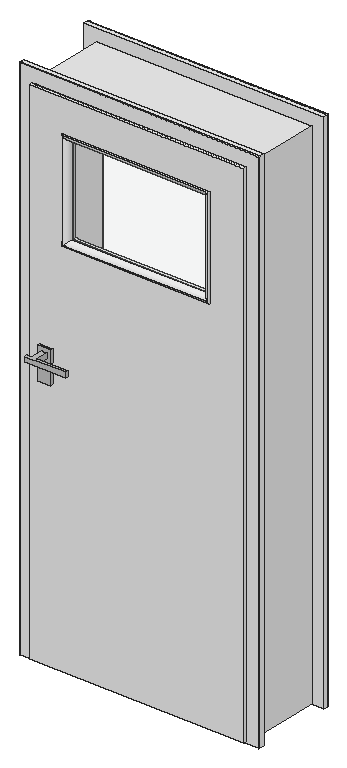
Revit family "cpl_1.2_osc_PS_pn", category Drzwi, Revit 2014
Parameters (values of type "pn 80")
  wysokość = 2016 mm
  szerokość = 800 mm
  Zakres szerokości muru [instance] = if(and(Grubość ściany > 94 mm, Grubość ściany < 120 mm), "B", (if(and(Grubość ściany > 119 mm, Grubość ściany < 140 mm), "C", (if(and(Grubość ściany > 139 mm, Grubość ściany < 160 mm), "D", (if(and(Grubość ściany > 159 mm, Grubość ściany < 180 mm), "E", (if(and(Grubość ściany > 179 mm, Grubość ściany < 200 mm), "F", (if(and(Grubość ściany > 199 mm, Grubość ściany < 220 mm), "G", (if(and(Grubość ściany > 219 mm, Grubość ściany < 240 mm), "H", (if(and(Grubość ściany > 239 mm, Grubość ściany < 260 mm), "I", (if(and(Grubość ściany > 259 mm, Grubość ściany < 280 mm), "J", (if(and(Grubość ściany > 279 mm, Grubość ściany < 301 mm), "K", "BRAK")))))))))))))))))))  # "K"
  Wysokość brutto = 2060 mm
  Szerokość brutto = 880 mm
  Model = "CPL 1.2"  # constant formula
  Materiał szklenie [instance] = Szkło
  Klamka [instance] = yes
  Grubość ściany [instance] = 300 mm
  Funkcja = Wewnętrzna
  URL = "www.porta.com.pl"
  Ss = 844 mm
  Sb = 846 mm
  Producent = "PORTA KMI POLAND"  # constant formula
  Keynote = ""
  Opis = "Ościeżnica Porta System"
  Height = 0 mm
  Zakończenie ściany = Wg obiektu nadrzędnego
  Width = 0 mm
  Materiał skrzydło [instance] = Porta - biały
  Materiał ościeżnica [instance] = Porta - biały
  Materiał klamka [instance] = Porta - chrom
  Hs = 2030 mm
Types (6, lengths in mm): name | szerokość | Szerokość brutto | Ss | Sb
  (no name) | 800 | 880 | 844 | 846
  pn 80 | 800 | 880 | 844 | 846
  pn 90 | 900 | 980 | 944 | 946
  pn 100 | 1000 | 1080 | 1044 | 1046
  pn 70 | 700 | 780 | 744 | 746
  pn 60 | 600 | 680 | 644 | 646
Reference planes
  plane 1: y = 0
  plane 2 "Środek (Lewa/Prawa)": x = 0
  plane 3 "Lewy": x = -440
  plane 4 "Prawy": x = 440
  plane 5: z = 2060
  plane 6 "Zewnętrzna": y = 150
  plane 7 "Wewnętrzna": y = -150
  plane 8 "skrzydło": y = -144.5
  plane 9: y = -184.5
  plane 10: x = -354
Forms (mm)
  Sweep 1, solid, material "Porta - biały" <- "Materiał ościeżnica"
    path in 3D
      loop
        line (-440, -150, 0) -> (-440, -150, 2060) -> (440, -150, 2060) -> (440, -150, 0)
    profile origin (-440, -150, 1030) x (0, -1, 0) y (1, 0, 0)
      loop
        line (-10, 39) -> (-72, 39) -> (-72, 17) -> (0, 17) -> (0, -33) -> (16, -33)
        arc (16, -33) -> (18.121, -32.121) -> (19, -30) r 3
        line (19, -30) -> (19, 24)
        arc (19, 24) -> (18.121, 26.121) -> (16, 27) r 3
        line (16, 27) -> (-10, 27) -> (-10, 39)
  Sweep 2, solid, material "Porta - biały" <- "Materiał ościeżnica"
    path in 3D
      loop
        line (440, 150, 0) -> (440, 150, 2060) -> (-440, 150, 2060) -> (-440, 150, 0)
    profile origin (-440, 150, 1030) x (1, 0, 0) y (0, 1, 0)
      loop
        line (-33, 0) -> (17, 0) -> (17, -228) -> (39, -228) -> (39, -1)
        arc (39, -1) -> (37.536, 2.536) -> (34, 4) r 5
        line (34, 4) -> (25, 4) -> (25, 16)
        arc (25, 16) -> (24.121, 18.121) -> (22, 19) r 3
        line (22, 19) -> (-30, 19)
        arc (-30, 19) -> (-32.121, 18.121) -> (-33, 16) r 3
        line (-33, 16) -> (-33, 0)
Cuts and joins
  joined: Sweep 1, Sweep 2
Lines and regions (mm)
  Opening 1
    outline origin (-3050, -150, 0) x (1, 0, 0) y (0, 0, 1)
      loop
        line (2610, 0) -> (3490, 0) -> (3490, 2060) -> (2610, 2060) -> (2610, 0)
  sketch lines
    curve 1: line (-440, -150, 0) -> (-440, -150, 2060)
    curve 2: line (-440, -150, 2060) -> (440, -150, 2060)
    curve 3: line (440, -150, 2060) -> (440, -150, 0)
    curve 4: line (-440, 150, 2060) -> (-440, 150, 0)
    curve 5: line (440, 150, 2060) -> (-440, 150, 2060)
    curve 6: line (440, 150, 0) -> (440, 150, 2060)
  symbolic lines, style "Doors"
    curve 7: line (440, -184.5, 0) -> (440, -1028.5, 0)
    curve 8: line (440, -1028.5, 0) -> (400, -1028.5, 0)
    curve 9: line (400, -1028.5, 0) -> (400, -184.5, 0)
    curve 10: line (400, -184.5, 0) -> (440, -184.5, 0)
  symbolic lines
    curve 11: arc (-422, -184.5, 0) -> (-174.798, -781.298, 0) -> (422, -1028.5, 0) r 844
Text (mm)
  text "Zewnętrzna" at (-2295.016, 1099.543, 0), in view "Poziom odniesienia"
  text "Zewnętrzna" at (0, 1615.38, 3698.081), in view "Lewy"
  text "Zewnętrzna" at (0, 1036.032, 3874.932), in view "Prawy"
Dimensions and locks
  equal spacing: plane 3 "Lewy", plane 2 "Środek (Lewa/Prawa)", plane 4 "Prawy"
  "Szerokość brutto": plane 3 "Lewy" to plane 4 "Prawy"
  "Wysokość brutto": plane 5 to host wall
  host wall to plane 5 = 2060 mm  (x2)
  locked: plane 6 "Zewnętrzna" to host wall at 0
  locked: plane 7 "Wewnętrzna" to host wall
  "Sb": Sweep 1 to Sweep 1
  locked: Sweep 1 sketch curve to Sweep 1 sketch curve at 22
  Sweep 1 sketch curve to Sweep 1 sketch curve = 50 mm
  locked: Sweep 1 sketch curve to profile plane at 72
  locked: Sweep 2 sketch curve to Sweep 2 sketch curve at 50
  locked: Sweep 2 sketch curve to Sweep 2 sketch curve at 22
  locked: Sweep 2 sketch curve to plane 6 "Zewnętrzna" at 1
  locked: curve 9 to curve 7 at 40
  "Ss": curve 8 to curve 10
  plane 2 "Środek (Lewa/Prawa)" to curve 7 = 440 mm
  locked: plane 7 "Wewnętrzna" to plane 8 "skrzydło" at 5.5
  equal spacing: nested 1, plane 2 "Środek (Lewa/Prawa)", nested 1
  locked: nested 1 to level at 8
  "Grubość ściany": host wall to host wall
  locked: plane 8 "skrzydło" to plane 9 at 40
  locked: plane 3 "Lewy" to plane 10 at 86
  aligned and locked: plane 3 "Lewy" to Opening 1 sketch curve
  aligned and locked: plane 5 to Opening 1 sketch curve  (x2)
  aligned and locked: Opening 1 sketch curve to plane 4 "Prawy"
  aligned and locked: Opening 1 sketch curve to level
  aligned and locked: plane 1 to host wall
  aligned and locked: Sweep 1 to Sweep 2 sketch curve
  aligned and locked: Sweep 2 sketch curve to cut or joined group of Sweep 1, Sweep 2
  aligned and locked: nested 1 to plane 8 "skrzydło"
  aligned and locked: plane 4 "Prawy" to curve 7
  aligned and locked: plane 9 to curve 10
  aligned and locked: nested 3 to plane 8 "skrzydło"
  aligned and locked: plane 9 to nested 2
  aligned and locked: plane 10 to nested 2
  aligned and locked: nested 3 to plane 10
Automatic sketch dimensions
  profile plane to Sweep 1 sketch curve = 10 mm
  Sweep 1 sketch curve to profile plane = 16 mm  (x2)
  Sweep 1 sketch curve to Sweep 1 sketch curve = 3 mm
  profile plane to Sweep 1 sketch curve = 17 mm
  Sweep 1 sketch curve to Sweep 1 sketch curve = 7 mm
  Sweep 1 sketch curve to profile plane = 0 mm
  Sweep 2 sketch curve to profile plane = 0 mm
  Sweep 2 sketch curve to profile plane = 16 mm
  Sweep 2 sketch curve to Sweep 2 sketch curve = 3 mm
  Sweep 2 sketch curve to Sweep 2 sketch curve = 5 mm
  Sweep 2 sketch curve to profile plane = 4 mm
  Sweep 2 sketch curve to Sweep 2 sketch curve = 8 mm
  plane 9 to curve 11 = 0 mm
  plane 4 "Prawy" to curve 11 = 18 mm
Nested families
  nested 1: "skrzydło" at (0, -151, 0), type "skrzydło"
  nested 2: "KLAMKA" at (-344, -184.5, 1112), Materiał klamki <- "Materiał klamka", visible <- "Klamka", type "KLAMKA"
    with Materiał klamki Porta - chrom
  nested 3: "KLAMKA" at (-344, -144.5, 1112), Materiał klamki <- "Materiał klamka", visible <- "Klamka", type "KLAMKA"
    with Materiał klamki Porta - chrom
Definition of nested family "skrzydło"
  Parameters (values of type "skrzydło")
    Ss = 844 mm
    Materiał szklenie = none
    Materiał skrzydło = none
    Assembly Code = ""
    Hs = 2030 mm
  Reference planes
    plane 1 "Tył": y = 6.5
    plane 2: z = 0
    plane 3 "Środek (Lewa/Prawa)": x = 0
    plane 4 "Lewa": x = -422
    plane 5 "Prawa": x = 422
    plane 6 "Przód": y = -33.5
    plane 7: z = 2038
    plane 8 "Centrum": y = -13.5
    plane 9: z = 8
    plane 10: x = -290
    plane 11: x = 290
    plane 12: z = 1910
    plane 13: z = 1516
  Forms (mm)
    Extrusion 1, solid, material <- "Materiał skrzydło"
      sketch origin (0, -33.5, 0) x (-1, 0, 0) y (0, 0, 1)
        loop
          line (422, 2038) -> (-422, 2038) -> (-422, 8) -> (422, 8) -> (422, 2038)
      from 0 to 40
    Sweep 2, void
      path origin (0, 6.5, 0) x (1, 0, 0) y (0, 0, 1)
        loop
          line (422, 0) -> (422, 2038) -> (-422, 2038) -> (-422, 0)
      profile origin (-422, 6.5, 1019) x (0, -1, 0) y (1, 0, 0)
        loop
          line (0, 0) -> (26, 0) -> (26, 13) -> (0, 13) -> (0, 0)
    Extrusion 3, void
      sketch origin (-892.016, -13.5, 1200) x (1, 0, 0) y (0, 0, 1)
        loop
          line (602.016, 710) -> (602.016, 316) -> (1182.016, 316) -> (1182.016, 710) -> (602.016, 710)
      from -20 to 20
    Extrusion 4, solid, material <- "Materiał szklenie"
      sketch origin (-892.016, -13.5, 1200) x (-1, 0, 0) y (0, 0, 1)
        loop
          line (-602.016, 710) -> (-1182.016, 710) -> (-1182.016, 316) -> (-602.016, 316) -> (-602.016, 710)
      from -2 to 2
    Sweep 5, solid, material <- "Materiał skrzydło"
      path origin (-892.016, -13.5, 1200) x (-1, 0, 0) y (0, 0, 1)
        loop
          line (-602.016, 710) -> (-1182.016, 710) -> (-1182.016, 316) -> (-602.016, 316) -> (-602.016, 710)
      profile origin (-290, -13.5, 1713) x (0, 1, 0) y (-1, 0, 0)
        loop
          arc (-24.985, -3.759) -> (-17.016, -16.981) -> (-2, -20.566) r 19.963
          line (-2, -20.566) -> (2, -20.566)
          arc (2, -20.566) -> (16.892, -17.071) -> (24.939, -4.061) r 19.963
          arc (24.939, -4.061) -> (23.683, -0.554) -> (20, 0) r 3.629
          line (20, 0) -> (-20, 0)
          arc (-20, 0) -> (-23.563, -0.459) -> (-24.985, -3.759) r 3.629
  Cuts and joins
    Sweep 2, Extrusion 3 cuts Extrusion 1
  Dimensions and locks
    equal spacing: plane 4 "Lewa", plane 3 "Środek (Lewa/Prawa)", plane 5 "Prawa"
    "Ss": plane 4 "Lewa" to plane 5 "Prawa"
    locked: plane 9 to level at 8
    "Hs": plane 7 to plane 9
    equal spacing: plane 6 "Przód", plane 8 "Centrum", plane 1 "Tył"
    locked: plane 4 "Lewa" to plane 10 at 132
    locked: plane 11 to plane 5 "Prawa" at 132
    plane 7 to plane 12 to plane 13 = 128 mm locked, 394 mm locked
    aligned and locked: Extrusion 1 sketch curve to plane 9
    aligned and locked: Extrusion 1 sketch curve to plane 5 "Prawa"
    aligned and locked: Extrusion 1 sketch curve to plane 4 "Lewa"
    aligned and locked: Sweep 2 sketch curve to plane 4 "Lewa"
    aligned and locked: Sweep 2 sketch curve to plane 7
    aligned and locked: Sweep 2 sketch curve to plane 5 "Prawa"
    aligned and locked: level to Sweep 2 sketch curve  (x2)
    aligned and locked: plane 7 to Extrusion 1 sketch curve
    aligned and locked: Extrusion 3 sketch curve to plane 10
    aligned and locked: Extrusion 3 sketch curve to plane 13
    aligned and locked: Extrusion 3 sketch curve to plane 12
    aligned and locked: plane 11 to Extrusion 3 sketch curve
    aligned and locked: plane 10 to Extrusion 4 sketch curve
    aligned and locked: Extrusion 4 sketch curve to plane 11
    aligned and locked: plane 13 to Extrusion 4 sketch curve
    aligned and locked: plane 12 to Extrusion 4 sketch curve
    aligned and locked: plane 10 to Sweep 5 sketch curve
    aligned and locked: plane 12 to Sweep 5 sketch curve
    aligned and locked: plane 13 to Sweep 5 sketch curve
    aligned and locked: Sweep 5 sketch curve to plane 11
  Automatic sketch dimensions
    plane 1 "Tył" to Sweep 2 sketch curve = 0 mm
    Sweep 2 sketch curve to profile plane = 0 mm
    Sweep 2 sketch curve to Sweep 2 sketch curve = 26 mm
    Sweep 2 sketch curve to Sweep 2 sketch curve = 13 mm
    Sweep 5 sketch curve to plane 8 "Centrum" = 21.378 mm
    Sweep 5 sketch curve to Sweep 5 sketch curve = 1.378 mm  (x2)
    Sweep 5 sketch curve to Sweep 5 sketch curve = 14.767 mm  (x2)
    Sweep 5 sketch curve to Sweep 5 sketch curve = 3.233 mm
    Sweep 5 sketch curve to Sweep 5 sketch curve = 4 mm
    Sweep 5 sketch curve to Sweep 5 sketch curve = 10.465 mm
    profile plane to Sweep 5 sketch curve = 20.566 mm
    Sweep 5 sketch curve to Sweep 5 sketch curve = 17.209 mm  (x2)
    Sweep 5 sketch curve to Sweep 5 sketch curve = 2.491 mm
    Sweep 5 sketch curve to Sweep 5 sketch curve = 0 mm
    Sweep 5 sketch curve to Sweep 5 sketch curve = 3.357 mm
Definition of nested family "KLAMKA"
  Parameters (values of type "KLAMKA")
    Materiał klamki [instance] = none
    Assembly Code = ""
    Default Elevation = 1219.2 mm
  Reference planes
    plane 1 "Center (Front/Back)": y = 0
    plane 2: z = 0
    plane 3 "Center (Left/Right)": x = -10
  Forms (mm)
    Extrusion 1, solid, material <- "Materiał klamki"
      sketch origin (0, 0, 0) x (1, 0, 0) y (0, 0, 1)
        loop
          line (-35, -25) -> (15, -25) -> (15, 25) -> (-35, 25) -> (-35, -25)
      from 0 to 10
    Extrusion 2, solid, material <- "Materiał klamki"
      sketch origin (0, 0, 0) x (1, 0, 0) y (0, 1, 0)
        loop
          line (-20, -10) -> (-20, -60) -> (-40, -60) -> (-40, -70) -> (120, -70) -> (120, -60) -> (0, -60) -> (0, -10) -> (-20, -10)
      from -10 to 10
    Extrusion 3, solid, material <- "Materiał klamki"
      sketch origin (0, 0, -8) x (1, 0, 0) y (0, 0, 1)
        loop
          line (-35, -92) -> (15, -92) -> (15, -42) -> (-35, -42) -> (-35, -92)
      from 0 to 10
  Dimensions and locks
    aligned and locked: Extrusion 1 to plane 1 "Center (Front/Back)"
